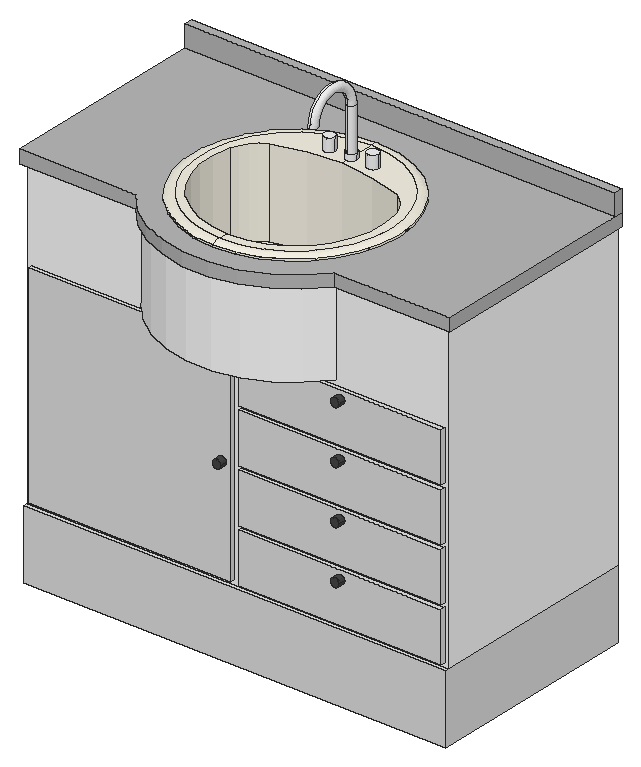
Revit family "wash basin (346)", category Casework, Revit 2020
Family settings
  Work Plane-Based = No
  Always vertical = Yes
  Cut with Voids When Loaded = No
  Shared = No
  Room Calculation Point = No
Parameters (values of type "600x1100")
  Default Elevation = 0 mm
  Cabinet Material = Vanity-Body
  Depth = 500 mm
  Door/Drawer Material = Vanity-Body
  Handle Material = Vanity-Push
  Height = 900 mm
  Plinth Depth = 35 mm
  Plinth Height = 160 mm
  Width = 1000 mm
Reference planes
  plane 1 "Back": y = 0
  plane 2: z = 0
  plane 3 "Center": x = 94.938
  plane 4 "Left": x = -405.062
  plane 5 "Right": x = 594.938
  plane 6 "Front": y = -500
  plane 7 "Top": z = 900
  plane 8: x = 339.938
  plane 9: x = 584.938
  plane 10: x = 64.938
Forms (mm)
  Extrusion 1, solid, material "Vanity-Top"
    sketch origin (625.888, -580.95, 900) x (-1, 0, 0) y (0, -1, 0)
      loop
        line (762.347, -580.95) -> (762.347, -80.95)
        arc (762.347, -80.95) -> (530.95, 33.4) -> (299.553, -80.95) r 291.3
        line (299.553, -80.95) -> (299.553, -580.95) -> (762.347, -580.95)
      loop
        circle (530.95, -257.9) r 220.555
    from 0 to -30
  Extrusion 2, solid, material "Vanity-Top"
    sketch origin (625.888, -580.95, 900) x (-1, 0, 0) y (0, -1, 0)
      loop
        line (1030.95, -580.95) -> (1030.95, -561.9) -> (30.95, -561.9) -> (30.95, -580.95) -> (1030.95, -580.95)
    from 0 to 50
  Extrusion 3, solid, material "Vanity-Body"
    sketch origin (625.888, -580.95, 870) x (0, -1, 0) y (-1, 0, 0)
      loop
        line (-90.95, 757.351) -> (-90.95, 1020.95) -> (-580.95, 1020.95) -> (-580.95, 40.95) -> (-90.95, 40.95) -> (-90.95, 304.549)
        arc (-90.95, 304.549) -> (23.4, 530.95) -> (-90.95, 757.351) r 281.3
      loop
        line (-100.95, 752.243) -> (-100.95, 1010.95) -> (-570.95, 1010.95) -> (-570.95, 50.95) -> (-100.95, 50.95) -> (-100.95, 309.657)
        arc (-100.95, 309.657) -> (13.4, 530.95) -> (-100.95, 752.243) r 271.3
    from 0 to 200
  Extrusion 4, solid, material "Vanity-Body"
    sketch origin (625.888, -580.95, 670) x (1, 0, 0) y (0, -1, 0)
      loop
        line (-752.243, -100.95) -> (-309.657, -100.95)
        arc (-309.657, -100.95) -> (-530.95, 13.4) -> (-752.243, -100.95) r 271.3
    from 0 to -10
  Extrusion 5, solid, material "Vanity-Body"
    sketch origin (94.938, -604.35, 670) x (0, 1, 0) y (1, 0, 0)
      loop
        line (114.35, -490) -> (604.35, -490) -> (604.35, 490) -> (114.35, 490) -> (114.35, -490)
      loop
        line (124.35, -480) -> (594.35, -480) -> (594.35, 480) -> (124.35, 480) -> (124.35, -480)
    from 0 to 510
  Extrusion 6, solid, material "Vanity-Doors"
    sketch origin (-395.062, 0, 160) x (0, -1, 0) y (-1, 0, 0)
      loop
        line (0, 0) -> (0, -980) -> (500, -980) -> (500, 0) -> (0, 0)
    from 0 to 160
  Extrusion 7, solid, material "Vanity-Doors"
    sketch origin (-131.464, -490, 670) x (0, 0, 1) y (-1, 0, 0)
      loop
        line (-500, -706.401) -> (-385, -706.401) -> (-385, -236.401) -> (-500, -236.401) -> (-500, -706.401)
      loop
        line (-10, -216.401) -> (-10, 253.599) -> (-500, 253.599) -> (-500, -216.401) -> (-10, -216.401)
      loop
        line (-10, -236.401) -> (-125, -236.401) -> (-125, -706.401) -> (-10, -706.401) -> (-10, -236.401)
      loop
        line (-135, -236.401) -> (-250, -236.401) -> (-250, -706.401) -> (-135, -706.401) -> (-135, -236.401)
      loop
        line (-260, -236.401) -> (-375, -236.401) -> (-375, -706.401) -> (-260, -706.401) -> (-260, -236.401)
    from 0 to 10
  Extrusion 8, solid, material "Vanity-Push"
    sketch origin (-186.362, -500, 670) x (0, 0, 1) y (-1, 0, 0)
      loop
        circle (-255, -251.3) r 10
    from 0 to 15
  Extrusion 9, solid, material "Vanity-Push"
    sketch origin (63.638, -500, 520) x (0, 0, 1) y (-1, 0, 0)
      loop
        circle (-255, -276.3) r 10
    from 0 to 15
  Extrusion 10, solid, material "Vanity-Top"
    sketch origin (625.888, -580.95, 870) x (0, -1, 0) y (1, 0, 0)
      loop
        line (-80.95, -299.553) -> (-80.95, -30.95) -> (-580.95, -30.95) -> (-580.95, -299.553) -> (-80.95, -299.553)
      loop
        line (-80.95, -762.347) -> (-580.95, -762.347) -> (-580.95, -1030.95) -> (-80.95, -1030.95) -> (-80.95, -762.347)
    from 0 to 30
  Extrusion 11, solid, material "Vanity-Push"
    sketch origin (63.638, -500, 645) x (0, 0, 1) y (-1, 0, 0)
      loop
        circle (-255, -276.3) r 10
    from 0 to 15
  Extrusion 12, solid, material "Vanity-Push"
    sketch origin (63.638, -500, 770) x (0, 0, 1) y (-1, 0, 0)
      loop
        circle (-255, -276.3) r 10
    from 0 to 15
  Extrusion 13, solid, material "Vanity-Push"
    sketch origin (63.638, -500, 895) x (0, 0, 1) y (-1, 0, 0)
      loop
        circle (-255, -276.3) r 10
    from 0 to 15
Cuts and joins
  joined: Extrusion 3, Extrusion 4, Extrusion 5
  joined: Extrusion 1, Extrusion 10
Dimensions and locks
  equal spacing: plane 4 "Left", plane 3 "Center", plane 5 "Right"
  "Depth": plane 6 "Front" to plane 1 "Back"
  "Width": plane 4 "Left" to plane 5 "Right"
  Extrusion 1 sketch curve to plane 3 "Center" to Extrusion 1 sketch curve = 231.397 mm locked, 231.397 mm locked
  Extrusion 10 sketch curve to plane 3 "Center" to Extrusion 10 sketch curve = 231.397 mm locked, 231.397 mm locked
  locked: plane 5 "Right" to plane 9 at 10
  equal spacing: plane 9, plane 8, plane 3 "Center"
  locked: plane 3 "Center" to plane 10 at 30
Automatic sketch dimensions
  Extrusion 2 sketch curve to plane 1 "Back" = 0 mm
  Extrusion 2 sketch curve to plane 5 "Right" = 0 mm
  Extrusion 2 sketch curve to plane 4 "Left" = 0 mm
  Extrusion 2 sketch curve to Extrusion 2 sketch curve = 19.05 mm
  Extrusion 3 sketch curve to Extrusion 3 sketch curve = 0 mm  (x2)
  Extrusion 3 sketch curve to plane 1 "Back" = 0 mm
  Extrusion 3 sketch curve to plane 3 "Center" = 0 mm
  plane 1 "Back" to Extrusion 3 sketch curve = 10 mm
  Extrusion 3 sketch curve to plane 6 "Front" = 176.95 mm
  Extrusion 3 sketch curve to plane 6 "Front" = 20 mm  (x2)
  Extrusion 3 sketch curve to plane 6 "Front" = 10 mm  (x2)
  Extrusion 3 sketch curve to plane 3 "Center" = 221.293 mm
  Extrusion 3 sketch curve to Extrusion 3 sketch curve = 5.108 mm
  plane 4 "Left" to Extrusion 3 sketch curve = 20 mm
  plane 4 "Left" to Extrusion 3 sketch curve = 10 mm
  Extrusion 3 sketch curve to plane 5 "Right" = 20 mm
  Extrusion 3 sketch curve to plane 5 "Right" = 10 mm
  Extrusion 4 sketch curve to plane 3 "Center" = 0 mm
  Extrusion 4 sketch curve to plane 6 "Front" = 20 mm
  Extrusion 4 sketch curve to plane 3 "Center" = 221.293 mm
  Extrusion 4 sketch curve to plane 6 "Front" = 176.95 mm
  Extrusion 5 sketch curve to plane 1 "Back" = 0 mm
  plane 1 "Back" to Extrusion 5 sketch curve = 10 mm
  Extrusion 5 sketch curve to plane 6 "Front" = 20 mm
  Extrusion 5 sketch curve to plane 6 "Front" = 10 mm
  Extrusion 5 sketch curve to plane 5 "Right" = 10 mm
  Extrusion 5 sketch curve to Extrusion 5 sketch curve = 10 mm
  plane 4 "Left" to Extrusion 5 sketch curve = 20 mm
  plane 4 "Left" to Extrusion 5 sketch curve = 10 mm
  Extrusion 6 sketch curve to plane 1 "Back" = 0 mm
  Extrusion 6 sketch curve to plane 6 "Front" = 0 mm
  plane 4 "Left" to Extrusion 6 sketch curve = 10 mm
  Extrusion 6 sketch curve to plane 5 "Right" = 10 mm
  Extrusion 7 sketch curve to plane 5 "Right" = 20 mm  (x3)
  level to Extrusion 7 sketch curve = 170 mm  (x2)
  plane 4 "Left" to Extrusion 7 sketch curve = 20 mm
  plane 3 "Center" to Extrusion 7 sketch curve = 10 mm  (x4)
  Extrusion 7 sketch curve to Extrusion 7 sketch curve = 115 mm  (x4)
  Extrusion 7 sketch curve to Extrusion 7 sketch curve = 10 mm  (x3)
  plane 7 "Top" to Extrusion 7 sketch curve = 240 mm
  Extrusion 7 sketch curve to Extrusion 7 sketch curve = 0 mm
  Extrusion 7 sketch curve to plane 3 "Center" = 10 mm
  Extrusion 1 sketch curve to plane 6 "Front" = 0 mm
  Extrusion 1 sketch curve to plane 1 "Back" = 0 mm
  Extrusion 1 sketch curve to plane 3 "Center" = 0 mm
  Extrusion 1 sketch curve to plane 6 "Front" = 176.95 mm
  Extrusion 1 sketch curve to Extrusion 1 sketch curve = 0 mm  (x2)
  plane 1 "Back" to Extrusion 1 sketch curve = 102.496 mm
  Extrusion 10 sketch curve to plane 1 "Back" = 0 mm  (x2)
  plane 5 "Right" to Extrusion 10 sketch curve = 0 mm
  plane 6 "Front" to Extrusion 10 sketch curve = 0 mm
  Extrusion 10 sketch curve to plane 6 "Front" = 0 mm
  Extrusion 10 sketch curve to plane 4 "Left" = 0 mm
  Extrusion 9 sketch curve to plane 8 = 0 mm
  Extrusion 9 sketch curve to Extrusion 9 sketch curve = 10 mm
  Extrusion 9 sketch curve to Extrusion 9 sketch curve = 0 mm
  level to Extrusion 9 sketch curve = 265 mm
  Extrusion 11 sketch curve to Extrusion 11 sketch curve = 0 mm  (x2)
  Extrusion 11 sketch curve to plane 8 = 0 mm
  plane 8 to Extrusion 11 sketch curve = 10 mm
  level to Extrusion 11 sketch curve = 390 mm
  Extrusion 12 sketch curve to Extrusion 12 sketch curve = 0 mm  (x2)
  Extrusion 12 sketch curve to plane 8 = 0 mm
  plane 8 to Extrusion 12 sketch curve = 10 mm
  plane 7 "Top" to Extrusion 12 sketch curve = 385 mm
  Extrusion 13 sketch curve to Extrusion 13 sketch curve = 0 mm  (x2)
  Extrusion 13 sketch curve to plane 8 = 0 mm
  plane 8 to Extrusion 13 sketch curve = 10 mm
  plane 7 "Top" to Extrusion 13 sketch curve = 260 mm
  Extrusion 8 sketch curve to plane 10 = 0 mm
  Extrusion 8 sketch curve to Extrusion 8 sketch curve = 0 mm
  plane 10 to Extrusion 8 sketch curve = 10 mm
  level to Extrusion 8 sketch curve = 415 mm
Nested families
  nested 1: "M_Sink Vanity-Round" at (-1.714, -408.218, 0), type "482 x 482mm"
    with Top Of Counter 900 mm
Definition of nested family "M_Sink Vanity-Round"
  Parameters
    Default Elevation = 0 mm
    Basin Material = none
    Fixture Material = none
    Top Of Counter = 750.09 mm
  Reference planes
    plane 1: z = 0
    plane 2 "Center (Left/Right)": x = 96.652
    plane 3: z = 750.09
    plane 4: z = 759.615
    plane 5: x = -144.648
    plane 6: x = 337.952
    plane 7: y = 85.168
    plane 8: y = 326.468
    plane 9: y = -156.132
    plane 10: y = 136.253
    plane 11 "cold": x = 147.452
    plane 12 "hot": x = 45.852
    plane 13: y = 247.093
    plane 14 "sweep": x = 96.652
    plane 15: y = 247.093
    plane 16: z = 788.19
    plane 17: z = 534.19
    plane 18: z = 771.85
  Forms (mm)
    Revolve 1, solid, material <- "Basin Material"
      sketch origin (96.652, 0, 0) x (0, 1, 0) y (0, 0, 1)
        loop
          line (326.468, 750.09) -> (326.468, 754.059)
          arc (326.468, 754.059) -> (316.651, 758.914) -> (305.722, 759.615) r 27.884
          line (305.722, 759.615) -> (85.168, 759.615) -> (85.168, 534.19) -> (277.462, 534.19)
          arc (277.462, 534.19) -> (292.221, 540.434) -> (298.018, 555.374) r 20.566
          line (298.018, 555.374) -> (314.561, 750.09) -> (326.468, 750.09)
        axis (85.168, 759.615) -> (85.168, 534.19)
      angle from 0 to 360
    Extrusion 2, solid
      sketch origin (0, 0, 0) x (1, 0, 0) y (0, 1, 0)
        loop
          circle (96.652, 85.168) r 20.637
      from 555.374 to 534.19
    Extrusion 3, solid, material <- "Fixture Material"
      sketch origin (0, 0, 0) x (1, 0, 0) y (0, 1, 0)
        loop
          circle (147.452, 247.093) r 12.7
      from 788.19 to 759.615
    Extrusion 4, solid, material <- "Fixture Material"
      sketch origin (-101.6, 0, 0) x (1, 0, 0) y (0, 1, 0)
        loop
          circle (147.452, 247.093) r 12.7
      from 788.19 to 759.615
    Extrusion 5, solid, material <- "Fixture Material"
      sketch origin (-50.8, 0, 0) x (1, 0, 0) y (0, 1, 0)
        loop
          circle (147.452, 247.093) r 12.7
      from 759.615 to 771.85
    Sweep 6, solid, material <- "Fixture Material"
      path origin (96.652, 0, 0) x (0, -1, 0) y (0, 0, 1)
        loop
          line (-247.093, 759.615) -> (-247.093, 872.328)
          arc (-247.093, 872.328) -> (-191.673, 927.748) -> (-136.253, 872.328) r 55.42
      profile origin (96.652, 0, 815.971) x (0, 1, 0) y (-1, 0, 0)
        loop
          circle (247.093, 0) r 9.525
    Extrusion 7, void
      sketch origin (0, 0, 0) x (1, 0, 0) y (0, 1, 0)
        loop
          arc (-52.153, 194.086) -> (-80.443, 169.371) -> (-98.17, 136.253) r 104.55
          arc (-98.17, 136.253) -> (96.652, -116.241) -> (291.474, 136.253) r 201.408
          arc (291.474, 136.253) -> (273.746, 169.371) -> (245.457, 194.086) r 104.55
          arc (245.457, 194.086) -> (96.652, 219.266) -> (-52.153, 194.086) r 452.283
      from 759.615 to 555.374
  Cuts and joins
    Extrusion 7 cuts Revolve 1
    Extrusion 7 cuts Extrusion 2
    Extrusion 7 cuts Extrusion 3
    Extrusion 7 cuts Extrusion 4
    Extrusion 7 cuts Extrusion 5
    Extrusion 7 cuts Sweep 6
  Lines and regions (mm)
    symbolic lines
      curve 1: arc (337.952, 85.168, 0) -> (96.652, 326.468, 0) -> (-144.648, 85.168, 0) r 241.3
      curve 2: arc (-144.648, 85.168, 0) -> (96.652, -156.132, 0) -> (337.952, 85.168, 0) r 241.3
      curve 3: arc (117.289, 85.168, 0) -> (96.652, 105.805, 0) -> (76.014, 85.168, 0) r 20.637
      curve 4: arc (76.014, 85.168, 0) -> (96.652, 64.53, 0) -> (117.289, 85.168, 0) r 20.637
      curve 5: arc (160.152, 247.093, 0) -> (147.452, 259.793, 0) -> (134.752, 247.093, 0) r 12.7
      curve 6: arc (134.752, 247.093, 0) -> (147.452, 234.393, 0) -> (160.152, 247.093, 0) r 12.7
      curve 7: arc (106.177, 247.093, 0) -> (96.652, 256.618, 0) -> (87.127, 247.093, 0) r 9.525
      curve 8: arc (58.552, 247.093, 0) -> (45.852, 259.793, 0) -> (33.152, 247.093, 0) r 12.7
      curve 9: arc (33.152, 247.093, 0) -> (45.852, 234.393, 0) -> (58.552, 247.093, 0) r 12.7
      curve 10: arc (-98.17, 136.253, 0) -> (96.652, -116.241, 0) -> (291.474, 136.253, 0) r 201.408
      curve 11: arc (-98.17, 136.253, 0) -> (-80.443, 169.371, 0) -> (-52.153, 194.086, 0) r 104.55
      curve 12: arc (291.474, 136.253, 0) -> (273.746, 169.371, 0) -> (245.457, 194.086, 0) r 104.55
      curve 13: arc (-52.153, 194.086, 0) -> (16.5, 212.107, 0) -> (87.127, 219.166, 0) r 452.283
      curve 14: line (87.127, 247.093, 0) -> (87.127, 136.253, 0)
      curve 15: line (106.177, 247.093, 0) -> (106.177, 136.253, 0)
      curve 16: arc (87.127, 136.253, 0) -> (96.652, 126.728, 0) -> (106.177, 136.253, 0) r 9.525
      curve 17: arc (106.177, 219.166, 0) -> (176.804, 212.107, 0) -> (245.457, 194.086, 0) r 452.283
  Dimensions and locks
    locked: plane 4 to plane 3 at 9.525
    locked: plane 5 to plane 2 "Center (Left/Right)" at 241.3
    locked: plane 2 "Center (Left/Right)" to plane 6 at 241.3
    plane 7 to plane 8 = 241.3 mm
    plane 9 to plane 7 = 241.3 mm
    plane 1 to plane 3 = 750.09 mm
    locked: plane 12 "hot" to plane 2 "Center (Left/Right)" at 50.8
    locked: plane 2 "Center (Left/Right)" to plane 11 "cold" at 50.8
    locked: plane 13 to plane 8 at 79.375
    "Top Of Counter": plane 3 to plane 1
    locked: plane 16 to plane 3 at 38.1
    locked: plane 3 to plane 17 at 215.9
    plane 18 to plane 4 = 12.235 mm
    aligned and locked: plane 16 to Extrusion 3
    aligned and locked: plane 4 to Extrusion 3
    aligned and locked: Extrusion 3 to Extrusion 4
    aligned and locked: plane 4 to Extrusion 4
    aligned and locked: Revolve 1 sketch curve to plane 17
    aligned and locked: Extrusion 7 to Revolve 1
    aligned and locked: Extrusion 7 to plane 4
    aligned and locked: Extrusion 2 to cut or joined group of Revolve 1, Extrusion 7
    aligned and locked: plane 17 to Extrusion 2
    aligned and locked: Extrusion 5 to plane 18
    aligned and locked: plane 4 to Extrusion 5
  Automatic sketch dimensions
    Extrusion 2 sketch curve to plane 7 = 0 mm
    Extrusion 2 sketch curve to plane 2 "Center (Left/Right)" = 0 mm
    Extrusion 2 sketch curve to plane 2 "Center (Left/Right)" = 20.637 mm
    Extrusion 3 sketch curve to plane 13 = 0 mm
    Extrusion 3 sketch curve to plane 11 "cold" = 0 mm
    Extrusion 3 sketch curve to Extrusion 3 sketch curve = 12.7 mm
    Extrusion 4 sketch curve to Extrusion 4 sketch curve = 12.7 mm
    Extrusion 4 sketch curve to plane 13 = 0 mm
    Extrusion 4 sketch curve to plane 11 "cold" = 101.6 mm
    Extrusion 5 sketch curve to Extrusion 5 sketch curve = 12.7 mm
    Extrusion 5 sketch curve to plane 13 = 0 mm
    Extrusion 5 sketch curve to plane 11 "cold" = 50.8 mm
    Sweep 6 sketch curve to plane 13 = 0 mm
    Sweep 6 sketch curve to plane 10 = 0 mm
    Sweep 6 sketch curve to plane 4 = 0 mm
    Sweep 6 sketch curve to plane 3 = 122.237 mm
    Sweep 6 sketch curve to plane 14 "sweep" = 0 mm
    Sweep 6 sketch curve to profile plane = 0 mm
    profile plane to Sweep 6 sketch curve = 9.525 mm
    Revolve 1 sketch curve to plane 7 = 0 mm  (x2)
    Revolve 1 sketch curve to level = 0 mm
    Revolve 1 sketch curve to plane 4 = 0 mm  (x2)
    Revolve 1 sketch curve to plane 3 = 0 mm
    Revolve 1 sketch curve to plane 8 = 0 mm
    plane 8 to Revolve 1 sketch curve = 49.006 mm
    Revolve 1 sketch curve to Revolve 1 sketch curve = 20.556 mm
    plane 8 to Revolve 1 sketch curve = 20.745 mm
    Revolve 1 sketch curve to Revolve 1 sketch curve = 17.03 mm
    plane 8 to Revolve 1 sketch curve = 11.906 mm
    Revolve 1 sketch curve to Revolve 1 sketch curve = 20.566 mm
    Revolve 1 sketch curve to Revolve 1 sketch curve = 18.111 mm
    Extrusion 7 sketch curve to plane 10 = 0 mm  (x2)
    Extrusion 7 sketch curve to plane 2 "Center (Left/Right)" = 0 mm  (x2)
    Extrusion 7 sketch curve to plane 7 = 0 mm
    Extrusion 7 sketch curve to plane 7 = 19.108 mm  (x2)
    Extrusion 7 sketch curve to plane 2 "Center (Left/Right)" = 95.283 mm
    Extrusion 7 sketch curve to Extrusion 7 sketch curve = 53.522 mm
    Extrusion 7 sketch curve to Extrusion 7 sketch curve = 46.017 mm
    plane 2 "Center (Left/Right)" to Extrusion 7 sketch curve = 95.283 mm
    plane 9 to Extrusion 7 sketch curve = 76.885 mm
    curve 2 to plane 5 = 0 mm
    curve 10 to plane 10 = 0 mm
    curve 9 to plane 13 = 0 mm
    curve 9 to plane 12 "hot" = 0 mm
    curve 3 to plane 7 = 0 mm
    curve 14 to plane 13 = 0 mm
    curve 16 to plane 10 = 0 mm
    curve 16 to plane 2 "Center (Left/Right)" = 0 mm
    curve 13 to plane 2 "Center (Left/Right)" = 0 mm
    curve 4 to plane 2 "Center (Left/Right)" = 0 mm
    curve 1 to plane 2 "Center (Left/Right)" = 0 mm
    curve 10 to plane 2 "Center (Left/Right)" = 0 mm
    curve 17 to plane 2 "Center (Left/Right)" = 0 mm
    curve 6 to plane 13 = 0 mm
    curve 6 to plane 11 "cold" = 0 mm
    curve 12 to plane 10 = 0 mm
    curve 2 to plane 7 = 0 mm
    curve 10 to plane 7 = 0 mm
    curve 10 to plane 5 = 46.478 mm
    curve 11 to plane 10 = 57.834 mm
    curve 10 to curve 11 = 46.017 mm
    curve 11 to plane 7 = 19.108 mm
    curve 9 to curve 8 = 12.7 mm
    curve 3 to plane 2 "Center (Left/Right)" = 20.637 mm
    curve 14 to plane 2 "Center (Left/Right)" = 9.525 mm
    curve 6 to curve 5 = 12.7 mm
    curve 12 to plane 7 = 19.108 mm
    curve 3 to curve 12 = 74.645 mm
    curve 17 to curve 10 = 46.017 mm
    plane 9 to curve 17 = 76.885 mm
    curve 13 to curve 17 = 0 mm
